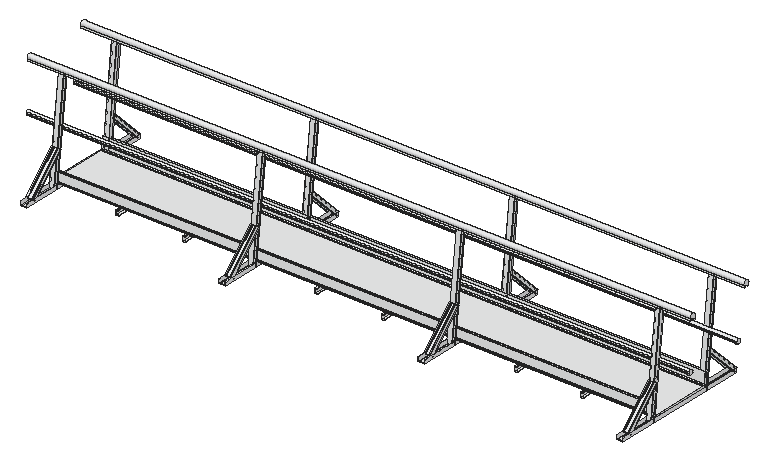
Revit family "Walkway_Kattsafe_Guardrail2Sides", category Specialty Equipment, Revit 2025
Family settings
  Round Connector Dimension = Use Diameter
  Part Type = Normal
  OmniClass Number = 23.13.41.19
  Enable Cutting in Views = No
  Cut with Voids When Loaded = No
  Maintain Annotation Orientation = No
  Shared = No
  Room Calculation Point = No
Parameters (values of type "Across Slope (GW6)")
  WalkwayWidth = 600 mm  # constant formula
  WalkwayMaterial = Aluminum_Kattsafe_Mesh_Walkway
  WalkwayAngleEnd2 [instance] = 0.00°
  WalkwayAngleEnd1 [instance] = 0.00°
  Uniclass2015Version = "Products v1.23"
  Uniclass2015Title = "Working platforms"
  Uniclass2015Code = "Pr_40_70_75_96"
  URL = "https://kattsafe.com.au/"
  Type IFC Predefined Type = "USERDEFINED"
  Type Comments = "Walkway - Guardrail Both Sides - Across Slope"
  Toeboard2 [instance] = yes
  Toeboard2End2OffsetLengthCalc2 [instance] = if(Toeboard2OffsetLengthEnd2 < 0 mm, abs(Toeboard2OffsetLengthEnd2), 0 mm)  # 0 mm
  Toeboard2End2OffsetLengthCalc [instance] = if(Toeboard2OffsetLengthEnd2 > 0 mm, Toeboard2OffsetLengthEnd2, 0 mm)  # 0 mm
  Toeboard2End1OffsetLengthCalc2 [instance] = if(Toeboard2OffsetLengthEnd1 < 0 mm, abs(Toeboard2OffsetLengthEnd1), 0 mm)  # 0 mm
  Toeboard2End1OffsetLengthCalc [instance] = if(Toeboard2OffsetLengthEnd1 > 0 mm, Toeboard2OffsetLengthEnd1, 0 mm)  # 0 mm
  Toeboard1 [instance] = yes
  ToeboardEnd2 [instance] = no
  ToeboardEnd1 [instance] = no
  ToeboardAngledOffsetHeight = 63 mm  # constant formula
  Toeboard2OffsetLengthEnd2 [instance] = 0 mm
  Toeboard2OffsetLengthEnd1 [instance] = 0 mm
  Toeboard1End2OffsetLengthCalc2 [instance] = if(Toeboard1OffsetLengthEnd2 < 0 mm, abs(Toeboard1OffsetLengthEnd2), 0 mm)  # 0 mm
  Toeboard1End2OffsetLengthCalc [instance] = if(Toeboard1OffsetLengthEnd2 > 0 mm, Toeboard1OffsetLengthEnd2, 0 mm)  # 0 mm
  Toeboard1OffsetLengthEnd2 [instance] = 0 mm
  Toeboard1End1OffsetLengthCalc2 [instance] = if(Toeboard1OffsetLengthEnd1 < 0 mm, abs(Toeboard1OffsetLengthEnd1), 0 mm)  # 0 mm
  Toeboard1End1OffsetLengthCalc [instance] = if(Toeboard1OffsetLengthEnd1 > 0 mm, Toeboard1OffsetLengthEnd1, 0 mm)  # 0 mm
  Toeboard1OffsetLengthEnd1 [instance] = 0 mm
  SafetyDisclaimer [instance] = "WARNING! The correct placement of access, fall protection and facade maintenance systems is critical to ensure it is fit-for-purpose and safe for the operator to use. Did you know Kattsafe® have a dedicated team of Height Safety System Design Specialists? Kattsafe® provide one-on-one consultation and system design assistance to ensure you are meeting the stringent requirements of height safety and to give you PEACE OF MIND with your project."  # constant formula
  RoofPitchCalc2 [instance] = if(1 = 1, RoofPitchCalc + 90.00°, 0.00°)  # 97.00°
  RoofPitchCalc [instance] = if(and(AcrossSlope, RoofPitch < -7.00°), -7.00°, if(and(AcrossSlope, RoofPitch > 7.00°), 7.00°, if(AcrossSlope, RoofPitch, 0.00°)))  # 7.00°
  RoofPitch [instance] = 7.00°
  Rail2ClosureBendEnd2 [instance] = no
  Rail2ClosureBendEnd1 [instance] = no
  Rail1ClosureBendEnd2 [instance] = no
  Rail1ClosureBendEnd1 [instance] = no
  PostsSingleOption [instance] = if(and(([built-in parameter 1001306] - 56 mm - PostOffsetLengthEnd1 - PostOffsetLengthEnd2 - (PostsOffsetLength * 2)) < 1 mm, ([built-in parameter 1001306] - 56 mm - PostOffsetLengthEnd1 - PostOffsetLengthEnd2) > 1999 mm), 1 > 0, 1 < 0)  # no
  PostsActualNumberOf [instance] = PostsOffsetLengthCalc3  # 4
  PostOffsetLengthEnd2 [instance] = 0 mm
  PostsOffsetLengthCalc3 [instance] = if(PostsOffsetLengthCalc > PostsOffsetLengthCalc2, rounddown(PostsOffsetLengthCalc2), PostsOffsetLengthCalc)  # 4
  PostsOffsetLengthCalc2 [instance] = (PostsOverallLength / PostsMaxSpacingLength) + 2  # 4.972
  PostsOffsetLengthCalc [instance] = (PostsOverallLength / PostsMaxSpacingLength) + 2  # 5
  PostsNumberOfCalc3 [instance] = if(and(PostsNumberOfCalc > PostsNumberOfCalc2, PostsOverallLength > PostsMaxSpacingLength * 2), rounddown(PostsNumberOfCalc2), if(PostsOverallLength < (PostsMaxSpacingLength * 2) + 1 mm, 2, PostsNumberOfCalc))  # 2
  PostsNumberOfCalc2 [instance] = (PostsOverallLength / PostsMaxSpacingLength)  # 2.972
  PostsNumberOfCalc [instance] = (PostsOverallLength / PostsMaxSpacingLength)  # 3
  PostsMaxSpacingLength = 2000 mm  # constant formula
  PostsHeight = if(1 = 1, ManufacturerOverallHeightCalc - 42 mm, 0 mm)  # 998 mm
  PostOffsetLengthEnd1 [instance] = 0 mm
  PostsArrayOption [instance] = if(([built-in parameter 1001306] - 56 mm - PostOffsetLengthEnd1 - PostOffsetLengthEnd2 - (PostsOffsetLength * 2)) < 1 mm, 1 < 0, 1 > 0)  # yes
  PostsOverallLength [instance] = ([built-in parameter 1001306] - 56 mm - PostOffsetLengthEnd1 - PostOffsetLengthEnd2)  # 5944 mm
  Material = Aluminum_Kattsafe_Satin
  ManufacturerOverallHeightCalc = if(ManufacturerOverallHeight < 955 mm, 955 mm, if(ManufacturerOverallHeight > 1055 mm, 1055 mm, ManufacturerOverallHeight))  # 1040 mm
  KneerailOffsetHeightCalc2 [instance] = if(KneerailOffsetHeight > 450 mm, 450 mm, KneerailOffsetHeight)  # 435 mm
  KneerailOffsetHeightCalc [instance] = if(or(Rail1ClosureBendEnd1, Rail1ClosureBendEnd2), 435 mm, KneerailOffsetHeightCalc2)  # 435 mm
  KneerailOffsetHeight [instance] = 435 mm
  PostsOffsetLength [instance] = PostsOverallLength / (PostsOffsetLengthCalc3 - 1)  # 1981.333 mm
  Kneerail2End2OverhangLengthCalc [instance] = if(Rail2ClosureBendEnd2, 200 mm, Handrail2End2OverhangLengthCalc + Kneerail2OffsetLengthEnd2)  # 300 mm
  Kneerail2End1OverhangLengthCalc [instance] = if(Rail2ClosureBendEnd1, 200 mm, Handrail2End1OverhangLengthCalc + Kneerail2OffsetLengthEnd1)  # 300 mm
  Kneerail1End2OverhangLengthCalc [instance] = if(Rail1ClosureBendEnd2, 200 mm, Handrail1End2OverhangLengthCalc + Kneerail1OffsetLengthEnd2)  # 300 mm
  Kneerail2OffsetLengthEnd2 [instance] = 0 mm
  Kneerail2OffsetLengthEnd1 [instance] = 0 mm
  Kneerail1OffsetLengthEnd2 [instance] = 0 mm
  Kneerail1End1OverhangLengthCalc [instance] = if(Rail1ClosureBendEnd1, 200 mm, Handrail1End1OverhangLengthCalc + Kneerail1OffsetLengthEnd1)  # 300 mm
  Kneerail1OffsetLengthEnd1 [instance] = 0 mm
  KneerailAngledOffsetHeight [instance] = KneerailOffsetHeightCalc + (-HandrailAngledOffsetHeight)  # 492 mm
  GuardrailHeight = ManufacturerOverallHeightCalc - 55 mm  # 985 mm
  Handrail2End2OverhangLengthCalc [instance] = if(Rail2ClosureBendEnd2, 0 mm, Handrail2OverhangLengthEnd2)  # 300 mm
  Handrail2End1OverhangLengthCalc [instance] = if(Rail2ClosureBendEnd1, 0 mm, Handrail2OverhangLengthEnd1)  # 300 mm
  Handrail1End2OverhangLengthCalc [instance] = if(Rail1ClosureBendEnd2, 0 mm, Handrail1OverhangLengthEnd2)  # 300 mm
  Handrail2OverhangLengthEnd2 [instance] = 300 mm
  Handrail2OverhangLengthEnd1 [instance] = 300 mm
  Handrail1OverhangLengthEnd2 [instance] = 300 mm
  Handrail1End1OverhangLengthCalc [instance] = if(Rail1ClosureBendEnd1, 0 mm, Handrail1OverhangLengthEnd1)  # 300 mm
  Handrail1OverhangLengthEnd1 [instance] = 300 mm
  ModifiedIssue = 20240430
  Model = "GW6"
  ManufacturerURLProductSpecific = "https://kattsafe.com.au/products/guardrails-walkway/guardrail-only-gw"
  ManufacturerSpecCode = Model  # "GW6"
  ManufacturerOverallWidth = WalkwayWidth + 800 mm  # 1400 mm
  ManufacturerOverallLength [instance] = [built-in parameter 1001306]  # 6000 mm
  ManufacturerOverallHeight = 1040 mm
  Manufacturer = "Kattsafe®"  # constant formula
  built-in parameter 1001306 [instance] = 6000 mm
  IfcExportType = "USERDEFINED"
  IfcExportAs = "IfcBuildingElementProxy"
  HandrailClosureAngledOffsetHeight = -532 mm  # constant formula
  HandrailAngledOffsetHeight = -57 mm  # constant formula
  Export Type to IFC As = "IfcBuildingElementProxy"
  ElementType = "Roof Walkway"
  Description = "Kattsafe guardrail systems are the preferred method of safe access across roofs and areas close to a fall edge. The system requires no specialist PPE, personnel or training to safely prevent a fall with a walkway to designate a safe path of access across the roof surface."  # constant formula
  Default Elevation = 0 mm
  CreatedBy = "IGS BIM Solutions"  # constant formula
  CreatedByURL = "https://igsgroup.com.au"
  CleatsSingleOptionCalc [instance] = if(and(CleatsOption, (CleatsNumberOfCalc2 < 2), [built-in parameter 1001306] > CleatsMaxSpacingLength - 1 mm), 1 > 0, 1 < 0)  # no
  CleatsNumberOfCalc3 [instance] = if(CleatsNumberOfCalc2 < 2, 2, CleatsNumberOfCalc2)  # 13
  CleatsArrayOptionCalc [instance] = if(and(CleatsOption, (CleatsNumberOfCalc2 > 1)), 1 > 0, 1 < 0)  # no
  CleatsActualNumberOf [instance] = if(CleatsOption, CleatsNumberOfCalc2, 0)  # 0
  CleatsOption [instance] = and(not(RoofPitch < 10.00°), not(AcrossSlope))  # no
  CleatsNumberOfCalc2 [instance] = if(CleatsNumberOf > CleatsNumberOfCalc, rounddown(CleatsNumberOfCalc), CleatsNumberOf)  # 13
  CleatsNumberOfCalc [instance] = ([built-in parameter 1001306] - (CleatsMaxSpacingLength)) / (CleatsMaxSpacingLength) + 1  # 13.3333
  CleatsNumberOf [instance] = ([built-in parameter 1001306] - (CleatsMaxSpacingLength)) / (CleatsMaxSpacingLength) + 1  # 13
  CleatsMaxSpacingLength [instance] = if(RoofPitch < 15.00°, 450 mm, if(RoofPitch < 18.00°, 400 mm, 350 mm))  # 450 mm
  BattensSingleOption [instance] = if(PostsActualNumberOf < 3, 1 > 0, 1 < 0)  # no
  BattensArrayNumberOf [instance] = if(PostsActualNumberOf < 3, 2, PostsActualNumberOf - 1)  # 3
  BattensArrayOption [instance] = if(PostsActualNumberOf < 3, 1 < 0, 1 > 0)  # yes
  BattensActualNumberOf [instance] = if((PostsOffsetLength) < 670 mm, 0, if((PostsOffsetLength) < 1000 mm, (BattensArrayNumberOf), ((BattensArrayNumberOf) * 2)))  # 6
  Assembly Code = "E1090100"
  AcrossSlope = yes
Reference planes
  plane 1 "Post_Back_Calc": y = -600
  plane 2 "Bottom": z = 0
  plane 3 "Left": x = 0
  plane 4 "Right": x = 6000
  plane 5 "Top": z = 1040
  plane 6 "Front": y = -1000
  plane 7 "Walkway_Front": y = -600
  plane 8 "Walkway_Bottom": z = 42
  plane 9 "Post_1_Centre (Front/Back)": y = -631.5
  plane 10 "Kneerail_Top": z = 548
  plane 11 "Handrail_Bottom": z = 983
  plane 12 "Post_Array_Left": x = 2009.333
  plane 13 "Post_Array_Right": x = 3990.667
  plane 14 "Center (Front/Back)": y = -300
  plane 15 "Center (Left/Right)": x = 3000
  plane 16 "Post_Left_Centre (Left/Right)": x = 28
  plane 17 "Kneerail_1_Left": x = -300
  plane 18 "Post_Left": x = 0
  plane 19 "Handrail_1_Left": x = -300
  plane 20 "Post_Right_Centre (Left/Right)": x = 5972
  plane 21 "Kneerail_1_Right": x = 6300
  plane 22 "Post_Right": x = 6000
  plane 23 "Handrail_1_Right": x = 6300
  plane 24 "Walkway_Top": z = 55
  plane 25 "Cleat_Left": x = 450
  plane 26 "Cleat_Right": x = 900
  plane 27 "Post_1_Front": y = -650.5
  plane 28 "Left_Calc": x = 0
  plane 29 "Right_Calc": x = 6000
  plane 30 "Toeboard_Bottom": z = 65
  plane 31 "Back": y = 400
  plane 32 "Post_2_Centre (Front/Back)": y = 31.5
  plane 33 "Post_2_Back": y = 50.5
  plane 34 "Post_1_Back": y = -612.5
  plane 35 "Post_2_Front": y = 12.5
  plane 36 "Kneerail_2_Left": x = -300
  plane 37 "Handrail_2_Left": x = -300
  plane 38 "Kneerail_2_Right": x = 6300
  plane 39 "Handrail_2_Right": x = 6300
  plane 40 "Walkway_Back": y = 0
  plane 41 "Toeboard1_Left": x = 0
  plane 42 "Toeboard1_Left_Calc": x = 0
  plane 43 "Toeboard1_Right": x = 6000
  plane 44 "Toeboard1_Right_Calc": x = 6000
Lines and regions (mm)
  reference lines
    curve 1: line (0, -600, 0) -> (6000, -600, 0)
    curve 2: line (0, -600, 0) -> (0.961, -600, 0)
    curve 3: line (6000, -600, 0) -> (5998.961, -600, 0)
    curve 4: line (0, -650.5, 0) -> (0, -523.756, 1032.248)
    curve 5: line (0, -848.528, 55) -> (0, 0, 55)
    curve 6: line (6000, -600, 55) -> (6000, 248.528, 55)
    curve 7: line (0, 50.5, 0) -> (0, 177.244, 1032.248)
    curve 8: line (0, 0, 0) -> (0, -600, 0)
    curve 9: line (0, 0, 0) -> (0, -600, 0)
    curve 10: line (6000, 0, 0) -> (6000, -600, 0)
    curve 11: line (6000, 0, 0) -> (6000, -600, 0)
Text (mm)
  text "Disclaimer:\nDue to ongoing product development and manufacturing \nevolution, product details are subject to change without \nnotice. Please refer to product technical data sheets on \nthe manufacturers website for the most current product \ninformation. Please allow a +/- 5mm manufacturing \ntolerance for dimensions and set-outs shown in product \nliterature." at (10360.567, 2349.183, 0), in view "Ref. Level"
Dimensions and locks
  "built-in parameter 1001306": plane 3 "Left" to plane 4 "Right"
  "ManufacturerOverallHeightCalc": plane 5 "Top" to plane 2 "Bottom"
  "KneerailOffsetHeightCalc": plane 11 "Handrail_Bottom" to plane 10 "Kneerail_Top"
  "PostsOffsetLength": plane 13 "Post_Array_Right" to plane 20 "Post_Right_Centre (Left/Right)"
  locked: plane 5 "Top" to plane 11 "Handrail_Bottom" at 57
  locked: plane 6 "Front" to plane 7 "Walkway_Front" at 400
  "PostsOffsetLength": plane 16 "Post_Left_Centre (Left/Right)" to plane 12 "Post_Array_Left"
  locked: plane 18 "Post_Left" to plane 16 "Post_Left_Centre (Left/Right)" at 28
  "PostOffsetLengthEnd1": plane 28 "Left_Calc" to plane 18 "Post_Left"
  "Handrail1End1OverhangLengthCalc": plane 19 "Handrail_1_Left" to plane 18 "Post_Left"
  "Kneerail1End1OverhangLengthCalc": plane 17 "Kneerail_1_Left" to plane 18 "Post_Left"
  locked: plane 22 "Post_Right" to plane 20 "Post_Right_Centre (Left/Right)" at 28
  equal spacing: plane 3 "Left", plane 15 "Center (Left/Right)", plane 4 "Right"
  "PostOffsetLengthEnd2": plane 22 "Post_Right" to plane 29 "Right_Calc"
  "Kneerail1End2OverhangLengthCalc": plane 22 "Post_Right" to plane 21 "Kneerail_1_Right"
  "Handrail1End2OverhangLengthCalc": plane 22 "Post_Right" to plane 23 "Handrail_1_Right"
  locked: plane 8 "Walkway_Bottom" to plane 2 "Bottom" at 42
  locked: plane 24 "Walkway_Top" to plane 8 "Walkway_Bottom" at 13
  "CleatsMaxSpacingLength": plane 3 "Left" to plane 25 "Cleat_Left"
  "CleatsMaxSpacingLength": plane 25 "Cleat_Left" to plane 26 "Cleat_Right"
  equal spacing: group 1, group 2, group 5, group 6, group 7, group 8, group 9, group 10, group 11, group 12, group 13, group 14, group 15  (x3)
  equal spacing: group 3, group 4, group 16  (x3)
  "ManufacturerOverallHeightCalc": curve 4 to curve 4
  locked: curve 4 to nested 12 at 19
  locked: curve 4 to nested 13 at 38
  locked: curve 4 to nested 14 at 19
  locked: plane 3 "Left" to plane 28 "Left_Calc"
  locked: plane 29 "Right_Calc" to plane 4 "Right"
  curve 4 to nested 28 = 41 mm
  locked: plane 30 "Toeboard_Bottom" to plane 24 "Walkway_Top" at 10
  locked: plane 7 "Walkway_Front" to plane 34 "Post_1_Back" at 12.5
  equal spacing: plane 34 "Post_1_Back", plane 9 "Post_1_Centre (Front/Back)", plane 27 "Post_1_Front"
  locked: plane 27 "Post_1_Front" to plane 34 "Post_1_Back" at 38
  equal spacing: plane 35 "Post_2_Front", plane 32 "Post_2_Centre (Front/Back)", plane 33 "Post_2_Back"
  locked: plane 35 "Post_2_Front" to plane 33 "Post_2_Back" at 38
  "ManufacturerOverallHeightCalc": curve 7 to curve 7
  locked: nested 29 to curve 7 at 38
  locked: nested 30 to curve 7 at 19
  locked: nested 31 to curve 7 at 19
  locked: nested 32 to curve 7 at 19
  "Handrail2End1OverhangLengthCalc": plane 37 "Handrail_2_Left" to plane 18 "Post_Left"
  "Kneerail2End1OverhangLengthCalc": plane 36 "Kneerail_2_Left" to plane 18 "Post_Left"
  "Handrail2End2OverhangLengthCalc": plane 22 "Post_Right" to plane 39 "Handrail_2_Right"
  "Kneerail2End2OverhangLengthCalc": plane 22 "Post_Right" to plane 38 "Kneerail_2_Right"
  group 17 to group 18 = 1981.333 mm
  group 17 to group 18 = 0 mm  (x2)
  locked: curve 7 to nested 34 at 41
  locked: plane 40 "Walkway_Back" to plane 35 "Post_2_Front" at 12.5
  "ManufacturerOverallWidth": plane 6 "Front" to plane 31 "Back"
  "WalkwayWidth": plane 40 "Walkway_Back" to plane 7 "Walkway_Front"
  equal spacing: plane 40 "Walkway_Back", plane 14 "Center (Front/Back)", plane 7 "Walkway_Front"
  locked: plane 7 "Walkway_Front" to plane 1 "Post_Back_Calc" at 0
  "Toeboard2End1OffsetLengthCalc": curve 9 to curve 5
  "Toeboard2End1OffsetLengthCalc2": curve 9 to curve 8
  "Toeboard2End2OffsetLengthCalc": curve 6 to curve 11
  "Toeboard2End2OffsetLengthCalc2": curve 10 to curve 11
  "Toeboard1End1OffsetLengthCalc": plane 42 "Toeboard1_Left_Calc" to plane 28 "Left_Calc"
  "Toeboard1End1OffsetLengthCalc2": plane 42 "Toeboard1_Left_Calc" to plane 41 "Toeboard1_Left"
  "Toeboard1End2OffsetLengthCalc": plane 29 "Right_Calc" to plane 44 "Toeboard1_Right_Calc"
  "Toeboard1End2OffsetLengthCalc2": plane 43 "Toeboard1_Right" to plane 44 "Toeboard1_Right_Calc"
  "RoofPitchCalc2": angle plane 2 "Bottom" to curve 4
  "WalkwayAngleEnd1": angle curve 5 to plane 3 "Left"
  "WalkwayAngleEnd2": angle plane 29 "Right_Calc" to curve 6
  "RoofPitchCalc2": angle plane 2 "Bottom" to curve 7
  aligned and locked: plane 4 "Right" to curve 1
  aligned and locked: plane 1 "Post_Back_Calc" to curve 1
  aligned and locked: plane 3 "Left" to curve 1
  aligned and locked: level to plane 2 "Bottom"
  aligned and locked: plane 4 "Right" to curve 3
  aligned and locked: plane 3 "Left" to nested 1
  aligned and locked: plane 2 "Bottom" to nested 2
  aligned and locked: plane 2 "Bottom" to nested 3
  aligned and locked: plane 12 "Post_Array_Left" to nested 4
  aligned and locked: plane 2 "Bottom" to nested 4
  aligned and locked: nested 1 to plane 4 "Right"
  aligned and locked: plane 12 "Post_Array_Left" to nested 5
  aligned and locked: plane 18 "Post_Left" to nested 2
  aligned and locked: plane 22 "Post_Right" to nested 3
  aligned and locked: plane 25 "Cleat_Left" to nested 6
  aligned and locked: plane 24 "Walkway_Top" to nested 6
  aligned and locked: plane 26 "Cleat_Right" to nested 7
  aligned and locked: plane 24 "Walkway_Top" to nested 7
  aligned and locked: nested 7 to plane 24 "Walkway_Top"
  aligned and locked: plane 16 "Post_Left_Centre (Left/Right)" to nested 8
  aligned and locked: plane 14 "Center (Front/Back)" to nested 8
  aligned and locked: plane 2 "Bottom" to nested 8
  aligned and locked: plane 12 "Post_Array_Left" to nested 9
  aligned and locked: plane 14 "Center (Front/Back)" to nested 9
  aligned and locked: plane 2 "Bottom" to nested 9
  aligned and locked: plane 16 "Post_Left_Centre (Left/Right)" to nested 10
  aligned and locked: plane 14 "Center (Front/Back)" to nested 10
  aligned and locked: plane 2 "Bottom" to nested 10
  aligned and locked: plane 25 "Cleat_Left" to nested 11
  aligned and locked: plane 24 "Walkway_Top" to nested 11
  aligned and locked: plane 2 "Bottom" to curve 4
  aligned and locked: plane 27 "Post_1_Front" to curve 4
  aligned and locked: nested 14 to plane 19 "Handrail_1_Left"
  aligned and locked: plane 19 "Handrail_1_Left" to nested 12
  aligned and locked: plane 17 "Kneerail_1_Left" to nested 13
  aligned and locked: plane 21 "Kneerail_1_Right" to nested 13
  aligned and locked: plane 23 "Handrail_1_Right" to nested 12
  aligned and locked: plane 23 "Handrail_1_Right" to nested 15
  aligned and locked: plane 3 "Left" to curve 5
  aligned and locked: plane 29 "Right_Calc" to curve 6
  aligned and locked: plane 7 "Walkway_Front" to curve 6
  aligned and locked: plane 14 "Center (Front/Back)" to nested 2
  aligned and locked: plane 14 "Center (Front/Back)" to nested 5
  aligned and locked: plane 14 "Center (Front/Back)" to nested 3
  aligned and locked: plane 14 "Center (Front/Back)" to nested 4
  aligned and locked: plane 2 "Bottom" to curve 7
  aligned and locked: plane 33 "Post_2_Back" to curve 7
  aligned and locked: nested 31 to plane 39 "Handrail_2_Right"
  aligned and locked: plane 39 "Handrail_2_Right" to nested 30
  aligned and locked: plane 37 "Handrail_2_Left" to nested 32
  aligned and locked: plane 37 "Handrail_2_Left" to nested 30
  aligned and locked: plane 36 "Kneerail_2_Left" to nested 29
  aligned and locked: plane 38 "Kneerail_2_Right" to nested 29
  aligned and locked: plane 13 "Post_Array_Right" to nested 33
  aligned and locked: plane 14 "Center (Front/Back)" to nested 33
  aligned and locked: plane 2 "Bottom" to nested 33
  aligned and locked: nested 1 to plane 14 "Center (Front/Back)"
  aligned and locked: plane 7 "Walkway_Front" to nested 11
  aligned and locked: plane 7 "Walkway_Front" to nested 6
  aligned and locked: plane 7 "Walkway_Front" to nested 7
  aligned and locked: plane 40 "Walkway_Back" to curve 5
  aligned and locked: plane 7 "Walkway_Front" to curve 8
  aligned and locked: plane 40 "Walkway_Back" to curve 8
  aligned and locked: curve 8 to nested 34
  aligned and locked: plane 40 "Walkway_Back" to curve 10
  aligned and locked: plane 40 "Walkway_Back" to curve 11
  aligned and locked: plane 7 "Walkway_Front" to curve 10
  aligned and locked: plane 7 "Walkway_Front" to curve 11
  aligned and locked: nested 34 to curve 10
  aligned and locked: plane 41 "Toeboard1_Left" to nested 28
  aligned and locked: plane 43 "Toeboard1_Right" to nested 28
Automatic sketch dimensions
  plane 3 "Left" to curve 2 = 0.961 mm
  curve 3 to plane 4 "Right" = 1.039 mm
  curve 2 to plane 3 "Left" = 0 mm
  plane 1 "Post_Back_Calc" to curve 3 = 0 mm
  plane 1 "Post_Back_Calc" to curve 2 = 0 mm
  plane 1 "Post_Back_Calc" to curve 9 = 0 mm
  plane 40 "Walkway_Back" to curve 9 = 0 mm
Nested families
  nested 1: "z_Walkway_Kattsafe_Aluminium" at (25.785, -300, 42), Material <- "Material", ManufacturerOverallWidth <- "WalkwayWidth", End1_Angle <- "WalkwayAngleEnd1", End2_Angle <- "WalkwayAngleEnd2", WalkwayMaterial <- "WalkwayMaterial", type "GW335.6000"
    with WalkwayMaterial Aluminum_Kattsafe_Mesh_Walkway, Material Aluminum_Kattsafe_Satin, ManufacturerOverallWidth 600 mm, ManufacturerOverallLength 6000 mm, End2_Angle_Calc 90.00°, End2_Angle 0.00°, End1_Angle_Calc 90.00°, End1_Angle 0.00°
  nested 2: "z_Walkway_RoofMount_Kattsafe_2Guardrail" at (58.285, -612.5, 0), ManufacturerOverallHeight <- "PostsHeight", RoofPitch <- "RoofPitchCalc", type "GW356"
    with RoofPitch_Calc 97.00°, RoofPitch 7.00°, ManufacturerOverallHeight 998 mm
  nested 3: "z_Walkway_RoofMount_Kattsafe_2Guardrail" at (5993.285, -612.5, 0), ManufacturerOverallHeight <- "PostsHeight", RoofPitch <- "RoofPitchCalc", type "GW356"
    with RoofPitch_Calc 97.00°, RoofPitch 7.00°, ManufacturerOverallHeight 998 mm
  nested 4: "z_Walkway_RoofMount_Kattsafe_2Guardrail" at (2035.118, -612.5, 0), ManufacturerOverallHeight <- "PostsHeight", visible <- "PostsArrayOption", RoofPitch <- "RoofPitchCalc", type "GW356"
    with RoofPitch_Calc 97.00°, RoofPitch 7.00°, ManufacturerOverallHeight 998 mm
  nested 5: "z_Walkway_RoofMount_Kattsafe_2Guardrail" at (2035.118, -612.5, 0), ManufacturerOverallHeight <- "PostsHeight", visible <- "PostsSingleOption", RoofPitch <- "RoofPitchCalc", type "GW356"
    with RoofPitch_Calc 97.00°, RoofPitch 7.00°, ManufacturerOverallHeight 998 mm
  nested 6: "z_WalkwayCleat_Kattsafe" at (463.562, -25.785, 55) x (0, -1, 0) z (0, 0, 1), ManufacturerOverallLength <- "WalkwayWidth", visible <- "CleatsArrayOptionCalc", Material <- "Material", type "GW340"
    with Material Aluminum_Kattsafe_Satin, ManufacturerOverallLength 600 mm
  nested 7: "z_WalkwayCleat_Kattsafe" at (913.562, -25.785, 55) x (0, -1, 0) z (0, 0, 1), ManufacturerOverallLength <- "WalkwayWidth", visible <- "CleatsArrayOptionCalc", Material <- "Material", type "GW340"
    with Material Aluminum_Kattsafe_Satin, ManufacturerOverallLength 600 mm
  nested 8: "z_Walkway_Batten_Kattsafe_Array" at (53.785, 50, 0), ManufacturerOverallLength <- "PostsOffsetLength", visible <- "BattensArrayOption", Material <- "Material", type "GW359D.700"
    with Material Aluminum_Kattsafe_Satin, ManufacturerOverallLength 1981.333 mm, Batten_Offset_Length_Calc3 3, Batten_Offset_Length_Calc2 3.9572, Batten_Offset_Length_Calc 4, Batten_Offset_Length 660.444 mm, Batten_Max_Spacing_Length 670 mm, Batten_2_Option yes, Batten_1_Option yes
  nested 9: "z_Walkway_Batten_Kattsafe_Array" at (2035.118, 50, 0), ManufacturerOverallLength <- "PostsOffsetLength", visible <- "BattensArrayOption", Material <- "Material", type "GW359D.700"
    with Material Aluminum_Kattsafe_Satin, ManufacturerOverallLength 1981.333 mm, Batten_Offset_Length_Calc3 3, Batten_Offset_Length_Calc2 3.9572, Batten_Offset_Length_Calc 4, Batten_Offset_Length 660.444 mm, Batten_Max_Spacing_Length 670 mm, Batten_2_Option yes, Batten_1_Option yes
  nested 10: "z_Walkway_Batten_Kattsafe_Array" at (53.785, 50, 0), ManufacturerOverallLength <- "PostsOffsetLength", visible <- "BattensSingleOption", Material <- "Material", type "GW359D.700"
    with Material Aluminum_Kattsafe_Satin, ManufacturerOverallLength 1981.333 mm, Batten_Offset_Length_Calc3 3, Batten_Offset_Length_Calc2 3.9572, Batten_Offset_Length_Calc 4, Batten_Offset_Length 660.444 mm, Batten_Max_Spacing_Length 670 mm, Batten_2_Option yes, Batten_1_Option yes
  nested 11: "z_WalkwayCleat_Kattsafe" at (463.562, -25.785, 55) x (0, -1, 0) z (0, 0, 1), ManufacturerOverallLength <- "WalkwayWidth", visible <- "CleatsSingleOptionCalc", Material <- "Material", type "GW340"
    with Material Aluminum_Kattsafe_Satin, ManufacturerOverallLength 600 mm
  nested 12: "z_Guardrail_Kattsafe_HandrailTube" at (-274.215, -511.844, 973.357) x (1, 0, 0) z (0, 0.1219, 0.9925), built-in parameter 1001364 <- "HandrailAngledOffsetHeight", Material <- "Material", type "GW374"
    with Material Aluminum_Kattsafe_Satin, ManufacturerOverallLength 6600 mm
  nested 13: "z_Guardrail_Kattsafe_KneerailTube" at (-274.215, -528.977, 537.194) x (1, 0, 0) z (0, -0.1219, -0.9925), built-in parameter 1001364 <- "KneerailAngledOffsetHeight", Material <- "Material", type "GW375"
    with Material Aluminum_Kattsafe_Satin, ManufacturerOverallLength 6600 mm
  nested 14: "z_Guardrail_Kattsafe_HandrailClosureBend" at (-674.215, -569.732, 501.898) x (1, 0, 0) z (0, 0.1219, 0.9925), built-in parameter 1001364 <- "HandrailClosureAngledOffsetHeight", visible <- "Rail1ClosureBendEnd1", Material <- "Material", type "GW387"
    with Material Aluminum_Kattsafe_Satin, ManufacturerOverallLength 400 mm
  nested 15: "z_Guardrail_Kattsafe_HandrailClosureBend" at (6674.215, -569.732, 501.898) x (-1, 0, 0) z (0, 0.1219, 0.9925), built-in parameter 1001364 <- "HandrailClosureAngledOffsetHeight", visible <- "Rail1ClosureBendEnd2", Material <- "Material", type "GW387"
    with Material Aluminum_Kattsafe_Satin, ManufacturerOverallLength 400 mm
  nested 16: "z_WalkwayCleat_Kattsafe" at (1363.562, -25.785, 55) x (0, -1, 0) z (0, 0, 1), ManufacturerOverallLength <- "WalkwayWidth", visible <- "CleatsArrayOptionCalc", Material <- "Material", type "GW340"
    with Material Aluminum_Kattsafe_Satin, ManufacturerOverallLength 600 mm
  nested 17: "z_WalkwayCleat_Kattsafe" at (1813.562, -25.785, 55) x (0, -1, 0) z (0, 0, 1), ManufacturerOverallLength <- "WalkwayWidth", visible <- "CleatsArrayOptionCalc", Material <- "Material", type "GW340"
    with Material Aluminum_Kattsafe_Satin, ManufacturerOverallLength 600 mm
  nested 18: "z_WalkwayCleat_Kattsafe" at (2263.562, -25.785, 55) x (0, -1, 0) z (0, 0, 1), ManufacturerOverallLength <- "WalkwayWidth", visible <- "CleatsArrayOptionCalc", Material <- "Material", type "GW340"
    with Material Aluminum_Kattsafe_Satin, ManufacturerOverallLength 600 mm
  nested 19: "z_WalkwayCleat_Kattsafe" at (2713.562, -25.785, 55) x (0, -1, 0) z (0, 0, 1), ManufacturerOverallLength <- "WalkwayWidth", visible <- "CleatsArrayOptionCalc", Material <- "Material", type "GW340"
    with Material Aluminum_Kattsafe_Satin, ManufacturerOverallLength 600 mm
  nested 20: "z_WalkwayCleat_Kattsafe" at (3163.562, -25.785, 55) x (0, -1, 0) z (0, 0, 1), ManufacturerOverallLength <- "WalkwayWidth", visible <- "CleatsArrayOptionCalc", Material <- "Material", type "GW340"
    with Material Aluminum_Kattsafe_Satin, ManufacturerOverallLength 600 mm
  nested 21: "z_WalkwayCleat_Kattsafe" at (3613.562, -25.785, 55) x (0, -1, 0) z (0, 0, 1), ManufacturerOverallLength <- "WalkwayWidth", visible <- "CleatsArrayOptionCalc", Material <- "Material", type "GW340"
    with Material Aluminum_Kattsafe_Satin, ManufacturerOverallLength 600 mm
  nested 22: "z_WalkwayCleat_Kattsafe" at (4063.562, -25.785, 55) x (0, -1, 0) z (0, 0, 1), ManufacturerOverallLength <- "WalkwayWidth", visible <- "CleatsArrayOptionCalc", Material <- "Material", type "GW340"
    with Material Aluminum_Kattsafe_Satin, ManufacturerOverallLength 600 mm
  nested 23: "z_WalkwayCleat_Kattsafe" at (4513.562, -25.785, 55) x (0, -1, 0) z (0, 0, 1), ManufacturerOverallLength <- "WalkwayWidth", visible <- "CleatsArrayOptionCalc", Material <- "Material", type "GW340"
    with Material Aluminum_Kattsafe_Satin, ManufacturerOverallLength 600 mm
  nested 24: "z_WalkwayCleat_Kattsafe" at (4963.562, -25.785, 55) x (0, -1, 0) z (0, 0, 1), ManufacturerOverallLength <- "WalkwayWidth", visible <- "CleatsArrayOptionCalc", Material <- "Material", type "GW340"
    with Material Aluminum_Kattsafe_Satin, ManufacturerOverallLength 600 mm
  nested 25: "z_WalkwayCleat_Kattsafe" at (5413.562, -25.785, 55) x (0, -1, 0) z (0, 0, 1), ManufacturerOverallLength <- "WalkwayWidth", visible <- "CleatsArrayOptionCalc", Material <- "Material", type "GW340"
    with Material Aluminum_Kattsafe_Satin, ManufacturerOverallLength 600 mm
  nested 26: "z_WalkwayCleat_Kattsafe" at (5863.562, -25.785, 55) x (0, -1, 0) z (0, 0, 1), ManufacturerOverallLength <- "WalkwayWidth", visible <- "CleatsArrayOptionCalc", Material <- "Material", type "GW340"
    with Material Aluminum_Kattsafe_Satin, ManufacturerOverallLength 600 mm
  nested 27: "z_Walkway_Batten_Kattsafe_Array" at (4016.451, 50, 0), ManufacturerOverallLength <- "PostsOffsetLength", visible <- "BattensArrayOption", Material <- "Material", type "GW359D.700"
    with Material Aluminum_Kattsafe_Satin, ManufacturerOverallLength 1981.333 mm, Batten_Offset_Length_Calc3 3, Batten_Offset_Length_Calc2 3.9572, Batten_Offset_Length_Calc 4, Batten_Offset_Length 660.444 mm, Batten_Max_Spacing_Length 670 mm, Batten_2_Option yes, Batten_1_Option yes
  nested 28: "z_Guardrail_Kattsafe_ToeBoard" at (25.785, -614.535, 59.057) x (1, 0, 0) z (0, 0.1219, 0.9925), built-in parameter 1001364 <- "ToeboardAngledOffsetHeight", visible <- "Toeboard1", Material <- "Material", type "GW320"
    with Material Aluminum_Kattsafe_Satin, ManufacturerOverallLength 6000 mm
  nested 29: "z_Guardrail_Kattsafe_KneerailTube" at (6274.215, 62.545, 550.636) x (-1, 0, 0) z (0, -0.1219, -0.9925), built-in parameter 1001364 <- "KneerailAngledOffsetHeight", Material <- "Material", type "GW375"
    with Material Aluminum_Kattsafe_Satin, ManufacturerOverallLength 6600 mm
  nested 30: "z_Guardrail_Kattsafe_HandrailTube" at (-274.215, 151.439, 977.988) x (1, 0, 0) z (0, 0.1219, 0.9925), built-in parameter 1001364 <- "HandrailAngledOffsetHeight", Material <- "Material", type "GW374"
    with Material Aluminum_Kattsafe_Satin, ManufacturerOverallLength 6600 mm
  nested 31: "z_Guardrail_Kattsafe_HandrailClosureBend" at (6674.215, 93.551, 506.529) x (-1, 0, 0) z (0, 0.1219, 0.9925), built-in parameter 1001364 <- "HandrailClosureAngledOffsetHeight", visible <- "Rail2ClosureBendEnd2", Material <- "Material", type "GW387"
    with Material Aluminum_Kattsafe_Satin, ManufacturerOverallLength 400 mm
  nested 32: "z_Guardrail_Kattsafe_HandrailClosureBend" at (-674.215, 93.551, 506.529) x (1, 0, 0) z (0, 0.1219, 0.9925), built-in parameter 1001364 <- "HandrailClosureAngledOffsetHeight", visible <- "Rail2ClosureBendEnd1", Material <- "Material", type "GW387"
    with Material Aluminum_Kattsafe_Satin, ManufacturerOverallLength 400 mm
  nested 33: "z_Walkway_RoofMount_Kattsafe_2Guardrail" at (4016.451, -612.5, 0), ManufacturerOverallHeight <- "PostsHeight", visible <- "PostsArrayOption", RoofPitch <- "RoofPitchCalc", type "GW356"
    with RoofPitch_Calc 97.00°, RoofPitch 7.00°, ManufacturerOverallHeight 998 mm
  nested 34: "z_Guardrail_Kattsafe_ToeBoard" at (5974.215, 29.89, 66.004) x (-1, 0, 0) z (0, 0.1219, 0.9925), built-in parameter 1001364 <- "ToeboardAngledOffsetHeight", visible <- "Toeboard2", Material <- "Material", type "GW320"
    with Material Aluminum_Kattsafe_Satin, ManufacturerOverallLength 6000 mm
Definition of nested family "z_Walkway_Kattsafe_Aluminium"
  Parameters (values of type "GW335.6000")
    WalkwayMaterial [instance] = none
    URL = "https://kattsafe.com.au/"
    Type Comments = ""
    ModifiedIssue = 20190911
    Model = "GW335.6000"
    Material [instance] = none
    ManufacturerURLProductSpecific = ""
    ManufacturerSpecCode = Model  # "GW335.6000"
    ManufacturerOverallWidth [instance] = 600 mm
    ManufacturerOverallLength [instance] = 6000 mm
    ManufacturerOverallHeight = 13 mm  # constant formula
    Manufacturer = "SAYFA"  # constant formula
    Keynote = ""
    End2_Angle_Calc [instance] = if(1 = 1, End2_Angle + 90.00°, 0.00°)  # 90.00°
    End2_Angle [instance] = 0.00°
    End1_Angle_Calc [instance] = if(1 = 1, End1_Angle + 90.00°, 0.00°)  # 90.00°
    End1_Angle [instance] = 0.00°
    Description = "Pace 600 Aluminium Walkway Mesh"
    Default Elevation = 0 mm  # constant formula
    CreatedBy = "IGS BIM Solutions"  # constant formula
    CreatedByURL = "https://igsgroup.com.au"
  Reference planes
    plane 1 "Bottom": z = 0
    plane 2 "Center (Front/Back)": y = 0
    plane 3 "Front": y = -300
    plane 4 "Left": x = -25.785
    plane 5 "Center (Left/Right)": x = 2974.215
    plane 6 "Top": z = 13
    plane 7 "Right": x = 5974.215
    plane 8 "Back": y = 300
    plane 9 "InsetBack": y = 299
    plane 10 "InsetFront": y = -299
  Forms (mm)
    Extrusion 1, solid, material <- "Material"
      sketch origin (0, 0, 0) x (1, 0, 0) y (0, 1, 0)
        loop
          line (-25.785, 300) -> (-25.785, -300) -> (5974.215, -300) -> (5974.215, 300) -> (-25.785, 300)
        loop
          line (-24.785, 299) -> (-24.785, -299) -> (5973.215, -299) -> (5973.215, 299) -> (-24.785, 299)
      from 0 to 13
    Extrusion 2, solid, material <- "WalkwayMaterial"
      sketch origin (0, 0, 0) x (1, 0, 0) y (0, 1, 0)
        loop
          line (-24.785, 299) -> (-24.785, -299) -> (5973.215, -299) -> (5973.215, 299) -> (-24.785, 299)
      from 0 to 13
  Lines and regions (mm)
    reference lines
      curve 1: line (-25.785, -300, 0) -> (-25.785, 300, 0)
      curve 2: line (5974.215, -300, 0) -> (5974.215, 300, 0)
      curve 3: line (-24.785, 300, 0) -> (-24.785, -300, 0)
      curve 4: line (5973.215, -300, 0) -> (5973.215, 300, 0)
  Dimensions and locks
    "ManufacturerOverallWidth": plane 8 "Back" to plane 3 "Front"
    "ManufacturerOverallHeight": plane 6 "Top" to plane 1 "Bottom"
    equal spacing: plane 4 "Left", plane 5 "Center (Left/Right)", plane 7 "Right"
    "ManufacturerOverallLength": plane 4 "Left" to plane 7 "Right"
    equal spacing: plane 8 "Back", plane 2 "Center (Front/Back)", plane 3 "Front"
    locked: plane 9 "InsetBack" to plane 8 "Back" at 1
    locked: plane 10 "InsetFront" to plane 3 "Front" at 1
    locked: curve 3 to curve 1 at 1
    locked: curve 2 to curve 4 at 1
    "End1_Angle_Calc": angle curve 1 to plane 3 "Front"
    "End2_Angle_Calc": angle plane 3 "Front" to curve 2
    "End1_Angle_Calc": angle curve 3 to plane 3 "Front"
    "End2_Angle_Calc": angle plane 3 "Front" to curve 4
    aligned and locked: plane 1 "Bottom" to level
    aligned and locked: Extrusion 1 to plane 3 "Front"
    aligned and locked: Extrusion 1 to plane 8 "Back"
    aligned and locked: Extrusion 1 to plane 1 "Bottom"
    aligned and locked: Extrusion 1 to plane 6 "Top"
    aligned and locked: plane 4 "Left" to curve 1
    aligned and locked: plane 3 "Front" to curve 1
    aligned and locked: plane 8 "Back" to curve 1
    aligned and locked: plane 7 "Right" to curve 2
    aligned and locked: plane 3 "Front" to curve 2
    aligned and locked: plane 8 "Back" to curve 2
    aligned and locked: plane 9 "InsetBack" to Extrusion 1 sketch curve
    aligned and locked: plane 10 "InsetFront" to Extrusion 1 sketch curve
    aligned and locked: plane 9 "InsetBack" to Extrusion 2 sketch curve
    aligned and locked: plane 10 "InsetFront" to Extrusion 2 sketch curve
    aligned and locked: Extrusion 2 to plane 6 "Top"
    aligned and locked: Extrusion 2 to plane 1 "Bottom"
    aligned and locked: plane 3 "Front" to curve 3
    aligned and locked: plane 8 "Back" to curve 3
    aligned and locked: plane 3 "Front" to curve 4
    aligned and locked: plane 8 "Back" to curve 4
    aligned and locked: Extrusion 2 sketch curve to curve 4
    aligned and locked: Extrusion 2 sketch curve to curve 3
    aligned and locked: Extrusion 1 sketch curve to curve 3
    aligned and locked: Extrusion 1 sketch curve to curve 1
    aligned and locked: Extrusion 1 sketch curve to curve 4
    aligned and locked: Extrusion 1 sketch curve to curve 2
  Automatic sketch dimensions
    plane 8 "Back" to Extrusion 1 sketch curve = 0 mm
    Extrusion 1 sketch curve to plane 3 "Front" = 0 mm
Definition of nested family "z_Walkway_RoofMount_Kattsafe_2Guardrail"
  Parameters (values of type "GW356")
    URL = "https://kattsafe.com.au/"
    Type Comments = ""
    RoofPitch_Calc [instance] = if(1 = 1, RoofPitch + 90.00°, 0.00°)  # 90.00°
    RoofPitch [instance] = 0.00°
    ModifiedIssue = 20191003
    Model = "GW356"
    Material = none
    ManufacturerURLProductSpecific = ""
    ManufacturerSpecCode = Model  # "GW356"
    ManufacturerOverallWidth = 65 mm  # constant formula
    ManufacturerOverallHeight [instance] = 1058 mm
    ManufacturerOverallDepth = 1400 mm  # constant formula
    Manufacturer = "SAYFA"  # constant formula
    Keynote = ""
    Description = "Sentry Roof Mount Double Guardrail Post with Walkway Support"
    Default Elevation = 0 mm  # constant formula
    CreatedBy = "IGS BIM Solutions"  # constant formula
    CreatedByURL = "https://igsgroup.com.au"
  Reference planes
    plane 1 "Bottom": z = 0
    plane 2 "Post_1_Back": y = 0
    plane 3 "Post_1_Front": y = -38
    plane 4 "Center (Left/Right)": x = -25.785
    plane 5 "Top": z = 1058
    plane 6 "Post_Right": x = 2.215
    plane 7 "Post_Left": x = -53.785
    plane 8 "Front": y = -387.5
    plane 9 "Base Channel_Top": z = 38
    plane 10 "Post_1_Centre (Front/Back)": y = -19
    plane 11 "Brace_Top": z = 356.198
    plane 12 "Left": x = -58.285
    plane 13 "Right": x = 6.715
    plane 14 "Back": y = 1012.5
    plane 15 "Post_2_Back": y = 663
    plane 16 "Post_2_Centre (Front/Back)": y = 644
    plane 17 "Post_2_Front": y = 625
    plane 18 "Center (Front/Back)": y = 312.5
  Forms (mm)
    Sweep 1, solid, material <- "Material"
      path origin (-25.785, 0, 0) x (0, 1, 0) y (0, 0, 1)
        loop
          line (1012.5, 38) -> (-387.5, 38)
      profile origin (-25.785, 312.5, 38) x (0, 0, -1) y (1, 0, 0)
        loop
          line (38, 32.5) -> (1.5, 32.5)
          arc (1.5, 32.5) -> (0, 31) -> (1.5, 29.5) r 1.5
          line (1.5, 29.5) -> (35, 29.5) -> (35, 19.5) -> (32.5, 19.5)
          arc (32.5, 19.5) -> (32, 19) -> (32.5, 18.5) r 0.5
          line (32.5, 18.5) -> (35, 18.5) -> (35, -18.5) -> (32.5, -18.5)
          arc (32.5, -18.5) -> (32, -19) -> (32.5, -19.5) r 0.5
          line (32.5, -19.5) -> (35, -19.5) -> (35, -29.5) -> (1.5, -29.5)
          arc (1.5, -29.5) -> (0, -31) -> (1.5, -32.5) r 1.5
          line (1.5, -32.5) -> (38, -32.5) -> (38, 32.5)
    SweptBlend 2, solid, material <- "Material"
      path origin (-25.785, 0, 0) x (0, 1, 0) y (0, 0, 1)
        loop
          line (-38.011, 356.198) -> (-356.209, 38)
      profile origin (-25.785, -38.011, 356.198) x (0, 0.707107, -0.707107) y (1, 0, 0)
        loop
          line (0, 32.5) -> (0, -32.5) -> (36.5, -32.5)
          arc (36.5, -32.5) -> (38, -31) -> (36.5, -29.5) r 1.5
          line (36.5, -29.5) -> (3, -29.5) -> (3, -19.5) -> (5.5, -19.5)
          arc (5.5, -19.5) -> (6, -19) -> (5.5, -18.5) r 0.5
          line (5.5, -18.5) -> (3, -18.5) -> (3, 18.5) -> (5.5, 18.5)
          arc (5.5, 18.5) -> (6, 19) -> (5.5, 19.5) r 0.5
          line (5.5, 19.5) -> (3, 19.5) -> (3, 29.5) -> (36.5, 29.5)
          arc (36.5, 29.5) -> (38, 31) -> (36.5, 32.5) r 1.5
          line (36.5, 32.5) -> (0, 32.5)
      end profile origin (-25.785, -356.209, 38) x (0, 0.707107, -0.707107) y (1, 0, 0)
        loop
          line (0, 29.5) -> (0, -35.5) -> (36.5, -35.5)
          arc (36.5, -35.5) -> (38, -34) -> (36.5, -32.5) r 1.5
          line (36.5, -32.5) -> (3, -32.5) -> (3, -22.5) -> (5.5, -22.5)
          arc (5.5, -22.5) -> (6, -22) -> (5.5, -21.5) r 0.5
          line (5.5, -21.5) -> (3, -21.5) -> (3, 15.5) -> (5.5, 15.5)
          arc (5.5, 15.5) -> (6, 16) -> (5.5, 16.5) r 0.5
          line (5.5, 16.5) -> (3, 16.5) -> (3, 26.5) -> (36.5, 26.5)
          arc (36.5, 26.5) -> (38, 28) -> (36.5, 29.5) r 1.5
          line (36.5, 29.5) -> (0, 29.5)
    Sweep 3, solid, material <- "Material"
      path origin (-25.785, 0, 0) x (0, 1, 0) y (0, 0, 1)
        loop
          line (-38, 0) -> (-38, 1058)
      profile origin (-25.785, -38, 529) x (0, -1, 0) y (1, 0, 0)
        loop
          arc (-38, -23) -> (-36.536, -26.536) -> (-33, -28) r 5
          line (-33, -28) -> (-5, -28)
          arc (-5, -28) -> (-1.464, -26.536) -> (0, -23) r 5
          line (0, -23) -> (0, 23)
          arc (0, 23) -> (-1.464, 26.536) -> (-5, 28) r 5
          line (-5, 28) -> (-33, 28)
          arc (-33, 28) -> (-36.536, 26.536) -> (-38, 23) r 5
          line (-38, 23) -> (-38, -23)
    Sweep 4, solid, material <- "Material"
      path origin (-25.785, 0, 0) x (0, 1, 0) y (0, 0, 1)
        loop
          line (663, 0) -> (663, 1058)
      profile origin (-25.785, 663, 529) x (0, -1, 0) y (1, 0, 0)
        loop
          arc (0, -23) -> (1.464, -26.536) -> (5, -28) r 5
          line (5, -28) -> (33, -28)
          arc (33, -28) -> (36.536, -26.536) -> (38, -23) r 5
          line (38, -23) -> (38, 23)
          arc (38, 23) -> (36.536, 26.536) -> (33, 28) r 5
          line (33, 28) -> (5, 28)
          arc (5, 28) -> (1.464, 26.536) -> (0, 23) r 5
          line (0, 23) -> (0, -23)
    SweptBlend 5, solid, material <- "Material"
      path origin (-25.785, 0, 0) x (0, 1, 0) y (0, 0, 1)
        loop
          line (663, 356.198) -> (981.198, 38)
      profile origin (-25.785, 663, 356.198) x (0, 0.707107, 0.707107) y (1, 0, 0)
        loop
          line (0, -32.5) -> (0, 32.5) -> (-36.5, 32.5)
          arc (-36.5, 32.5) -> (-38, 31) -> (-36.5, 29.5) r 1.5
          line (-36.5, 29.5) -> (-3, 29.5) -> (-3, 19.5) -> (-5.5, 19.5)
          arc (-5.5, 19.5) -> (-6, 19) -> (-5.5, 18.5) r 0.5
          line (-5.5, 18.5) -> (-3, 18.5) -> (-3, -18.5) -> (-5.5, -18.5)
          arc (-5.5, -18.5) -> (-6, -19) -> (-5.5, -19.5) r 0.5
          line (-5.5, -19.5) -> (-3, -19.5) -> (-3, -29.5) -> (-36.5, -29.5)
          arc (-36.5, -29.5) -> (-38, -31) -> (-36.5, -32.5) r 1.5
          line (-36.5, -32.5) -> (0, -32.5)
      end profile origin (-25.785, 981.198, 38) x (0, 0.707107, 0.707107) y (1, 0, 0)
        loop
          line (0, -35.5) -> (0, 29.5) -> (-36.5, 29.5)
          arc (-36.5, 29.5) -> (-38, 28) -> (-36.5, 26.5) r 1.5
          line (-36.5, 26.5) -> (-3, 26.5) -> (-3, 16.5) -> (-5.5, 16.5)
          arc (-5.5, 16.5) -> (-6, 16) -> (-5.5, 15.5) r 0.5
          line (-5.5, 15.5) -> (-3, 15.5) -> (-3, -21.5) -> (-5.5, -21.5)
          arc (-5.5, -21.5) -> (-6, -22) -> (-5.5, -22.5) r 0.5
          line (-5.5, -22.5) -> (-3, -22.5) -> (-3, -32.5) -> (-36.5, -32.5)
          arc (-36.5, -32.5) -> (-38, -34) -> (-36.5, -35.5) r 1.5
          line (-36.5, -35.5) -> (0, -35.5)
  Lines and regions (mm)
    reference lines
      curve 1: line (-25.785, -38, 356.209) -> (-25.785, -356.209, 38)
      curve 2: line (-25.785, -38, 0) -> (-25.785, -38, 1058)
      curve 3: line (-25.785, 663, 0) -> (-25.785, 663, 1058)
      curve 4: line (-25.785, 663, 356.198) -> (-25.785, 981.198, 38)
  Dimensions and locks
    "ManufacturerOverallHeight": plane 5 "Top" to plane 1 "Bottom"
    locked: plane 7 "Post_Left" to plane 6 "Post_Right" at 56
    equal spacing: plane 7 "Post_Left", plane 4 "Center (Left/Right)", plane 6 "Post_Right"
    locked: plane 9 "Base Channel_Top" to plane 1 "Bottom" at 38
    Sweep 1 sketch curve to profile plane to Sweep 1 sketch curve = 32.5 mm locked, 32.5 mm locked
    Sweep 1 sketch curve to profile plane to Sweep 1 sketch curve = 29.5 mm locked, 29.5 mm locked
    locked: profile plane to Sweep 1 sketch curve
    locked: profile plane to Sweep 1 sketch curve at 0
    locked: profile plane to Sweep 1 sketch curve at 35  (x3)
    profile plane to Sweep 1 sketch curve = 38 mm
    equal spacing: plane 3 "Post_1_Front", plane 10 "Post_1_Centre (Front/Back)", plane 2 "Post_1_Back"
    profile plane to Sweep 1 sketch curve = 32 mm  (x2)
    Sweep 1 sketch curve to profile plane to Sweep 1 sketch curve = 18.5 mm locked, 18.5 mm locked
    Sweep 1 sketch curve to profile plane to Sweep 1 sketch curve = 19.5 mm locked, 19.5 mm locked
    equal spacing: plane 12 "Left", plane 4 "Center (Left/Right)", plane 13 "Right"
    "ManufacturerOverallWidth": plane 12 "Left" to plane 13 "Right"
    locked: plane 3 "Post_1_Front" to plane 8 "Front" at 349.5
    locked: plane 2 "Post_1_Back" to plane 3 "Post_1_Front" at 38
    locked: Sweep 3 sketch curve to profile plane at 38
    equal spacing: Sweep 3 sketch curve, profile plane, Sweep 3 sketch curve, locked at 28 each
    locked: Sweep 3 sketch curve to Sweep 3 sketch curve at 56
    locked: curve 2 to Sweep 3 sketch curve at 0
    "ManufacturerOverallHeight": curve 2 to curve 2
    plane 14 "Back" to plane 8 "Front" = 1400 mm
    locked: plane 15 "Post_2_Back" to plane 17 "Post_2_Front" at 38
    "ManufacturerOverallHeight": curve 3 to curve 3
    equal spacing: plane 15 "Post_2_Back", plane 16 "Post_2_Centre (Front/Back)", plane 17 "Post_2_Front"
    locked: plane 15 "Post_2_Back" to plane 14 "Back" at 349.5
    "ManufacturerOverallDepth": plane 14 "Back" to plane 8 "Front"
    locked: curve 3 to Sweep 4 sketch curve at 0
    equal spacing: Sweep 4 sketch curve, profile plane, Sweep 4 sketch curve
    locked: Sweep 4 sketch curve to Sweep 4 sketch curve at 56
    locked: profile plane to Sweep 4 sketch curve at 38
    locked: SweptBlend 5 sketch curve to profile plane at 38  (x2)
    locked: SweptBlend 5 sketch curve to profile plane at 3  (x3)
    locked: SweptBlend 5 sketch curve to profile plane at 6  (x2)
    locked: profile plane to Sweep 1 at 32.5
    locked: profile plane to SweptBlend 5 sketch curve at 29.5
    locked: profile plane to SweptBlend 5 sketch curve at 19.5
    locked: profile plane to SweptBlend 5 sketch curve at 18.5
    locked: SweptBlend 5 sketch curve to profile plane at 18.5
    locked: SweptBlend 5 sketch curve to profile plane at 19.5
    locked: SweptBlend 5 sketch curve to profile plane at 29.5
    locked: profile plane to SweptBlend 5 sketch curve at 32.5
    equal spacing: plane 14 "Back", plane 18 "Center (Front/Back)", plane 8 "Front"
    radius of Sweep 3 sketch curve = 5 mm  (x4)
    radius of Sweep 4 sketch curve = 5 mm  (x4)
    locked: curve 1 to plane 11 "Brace_Top" (angle 45.00°)
    "RoofPitch_Calc": angle plane 1 "Bottom" to curve 2
    "RoofPitch_Calc": angle plane 1 "Bottom" to curve 3
    locked: plane 11 "Brace_Top" to curve 4 (angle 45.00°)
    aligned and locked: level to plane 1 "Bottom"
    aligned and locked: curve 1 to SweptBlend 2 sketch curve
    aligned and locked: plane 11 "Brace_Top" to SweptBlend 2 sketch curve
    aligned and locked: plane 14 "Back" to Sweep 1 sketch curve
    aligned and locked: plane 3 "Post_1_Front" to curve 2
    aligned and locked: plane 1 "Bottom" to curve 2
    aligned and locked: curve 2 to Sweep 3 sketch curve
    aligned and locked: profile plane to Sweep 3 sketch curve
    aligned and locked: plane 1 "Bottom" to Sweep 3 sketch curve
    aligned and locked: plane 9 "Base Channel_Top" to curve 1
    aligned and locked: curve 3 to plane 1 "Bottom"
    aligned and locked: curve 3 to Sweep 4 sketch curve
    aligned and locked: plane 1 "Bottom" to Sweep 4 sketch curve
    aligned and locked: plane 15 "Post_2_Back" to curve 3
    aligned and locked: Sweep 4 sketch curve to profile plane
    aligned and locked: plane 9 "Base Channel_Top" to curve 4
    aligned and locked: plane 11 "Brace_Top" to SweptBlend 5 sketch curve
    aligned and locked: SweptBlend 5 sketch curve to curve 4
  Automatic sketch dimensions
    Sweep 1 sketch curve to plane 8 "Front" = 0 mm
    plane 9 "Base Channel_Top" to Sweep 1 sketch curve = 0 mm
    plane 9 "Base Channel_Top" to SweptBlend 2 sketch curve = 0 mm
    SweptBlend 2 sketch curve to profile plane = 0 mm  (x2)
    SweptBlend 2 sketch curve to profile plane = 3 mm  (x4)
    SweptBlend 2 sketch curve to SweptBlend 2 sketch curve = 0 mm  (x2)
    SweptBlend 2 sketch curve to SweptBlend 2 sketch curve = 2.5 mm  (x4)
    SweptBlend 2 sketch curve to SweptBlend 2 sketch curve = 31 mm  (x4)
    SweptBlend 2 sketch curve to plane 4 "Center (Left/Right)" = 32.5 mm
    SweptBlend 2 sketch curve to SweptBlend 2 sketch curve = 1.5 mm  (x4)
    SweptBlend 2 sketch curve to SweptBlend 2 sketch curve = 10 mm  (x4)
    SweptBlend 2 sketch curve to SweptBlend 2 sketch curve = 0.5 mm  (x4)
    plane 4 "Center (Left/Right)" to SweptBlend 2 sketch curve = 18.5 mm
    SweptBlend 2 sketch curve to plane 4 "Center (Left/Right)" = 35.5 mm
    plane 4 "Center (Left/Right)" to SweptBlend 2 sketch curve = 15.5 mm
    SweptBlend 5 sketch curve to SweptBlend 5 sketch curve = 3 mm  (x3)
    SweptBlend 5 sketch curve to SweptBlend 5 sketch curve = 1.5 mm  (x2)
    profile plane to SweptBlend 5 sketch curve = 36.5 mm  (x2)
    profile plane to SweptBlend 5 sketch curve = 5.5 mm  (x2)
    profile plane to SweptBlend 5 sketch curve = 3 mm  (x3)
    SweptBlend 5 sketch curve to plane 4 "Center (Left/Right)" = 35.5 mm
    SweptBlend 5 sketch curve to SweptBlend 5 sketch curve = 10 mm  (x2)
    SweptBlend 5 sketch curve to SweptBlend 5 sketch curve = 0.5 mm
    SweptBlend 5 sketch curve to SweptBlend 5 sketch curve = 1 mm
    plane 4 "Center (Left/Right)" to SweptBlend 5 sketch curve = 15.5 mm
    plane 9 "Base Channel_Top" to SweptBlend 5 sketch curve = 0 mm
Definition of nested family "z_WalkwayCleat_Kattsafe"
  Parameters (values of type "GW340")
    URL = "https://kattsafe.com.au/"
    Type Comments = ""
    ModifiedIssue = 20190911
    Model = "GW340"
    Material [instance] = none
    ManufacturerURLProductSpecific = ""
    ManufacturerSpecCode = Model  # "GW340"
    ManufacturerOverallWidth = 30 mm  # constant formula
    ManufacturerOverallLength [instance] = 600 mm
    ManufacturerOverallHeight = 13 mm  # constant formula
    Manufacturer = "SAYFA"  # constant formula
    Keynote = ""
    Description = "Pace 600 Aluminium Walkway Cleat"
    Default Elevation = 0 mm  # constant formula
    CreatedBy = "IGS BIM Solutions"  # constant formula
    CreatedByURL = "https://igsgroup.com.au"
  Reference planes
    plane 1 "Bottom": z = 0
    plane 2 "Center (Front/Back)": y = 1.438
    plane 3 "Front": y = -13.562
    plane 4 "Left": x = -25.785
    plane 5 "Center (Left/Right)": x = 274.215
    plane 6 "Top": z = 13
    plane 7 "Right": x = 574.215
    plane 8 "Back": y = 16.438
    plane 9 "Center (Elevation)": z = 6.5
  Forms (mm)
    Extrusion 1, solid, material <- "Material"
      sketch origin (274.215, 0, 0) x (0, 1, 0) y (0, 0, -1)
        loop
          arc (4.564, -5.24) -> (4.093, -9.355) -> (6.299, -12.861) r 6.25
          arc (6.299, -12.861) -> (7.311, -12.804) -> (7.369, -11.792) r 0.761
          arc (7.369, -11.792) -> (10.188, -3.218) -> (13.006, -11.792) r 4.75
          arc (13.006, -11.792) -> (13.064, -12.804) -> (14.076, -12.861) r 0.761
          arc (14.076, -12.861) -> (16.243, -9.517) -> (15.948, -5.543) r 6.25
          arc (15.948, -5.543) -> (12.946, -1.734) -> (8.416, 0) r 9.127
          line (8.416, 0) -> (-13.562, 0) -> (-13.562, -0.8)
          arc (-13.562, -0.8) -> (-13.123, -1.861) -> (-12.062, -2.3) r 1.5
          line (-12.062, -2.3) -> (2.723, -2.3)
          arc (2.723, -2.3) -> (4.458, -3.26) -> (4.564, -5.24) r 2.047
      from -300 to 300
  Dimensions and locks
    "ManufacturerOverallWidth": plane 8 "Back" to plane 3 "Front"
    "ManufacturerOverallHeight": plane 6 "Top" to plane 1 "Bottom"
    equal spacing: plane 4 "Left", plane 5 "Center (Left/Right)", plane 7 "Right"
    "ManufacturerOverallLength": plane 4 "Left" to plane 7 "Right"
    equal spacing: plane 6 "Top", plane 9 "Center (Elevation)", plane 1 "Bottom"
    equal spacing: plane 8 "Back", plane 2 "Center (Front/Back)", plane 3 "Front"
    aligned and locked: plane 1 "Bottom" to level
    aligned and locked: Extrusion 1 to plane 7 "Right"
    aligned and locked: Extrusion 1 to plane 4 "Left"
    aligned and locked: Extrusion 1 sketch curve to plane 3 "Front"
  Automatic sketch dimensions
    Extrusion 1 sketch curve to Extrusion 1 sketch curve = 0 mm  (x7)
    Extrusion 1 sketch curve to level = 0 mm
    Extrusion 1 sketch curve to plane 3 "Front" = 1.5 mm
    plane 2 "Center (Front/Back)" to Extrusion 1 sketch curve = 1.285 mm
    Extrusion 1 sketch curve to plane 6 "Top" = 0.735 mm  (x2)
    Extrusion 1 sketch curve to Extrusion 1 sketch curve = 0.763 mm
    Extrusion 1 sketch curve to Extrusion 1 sketch curve = 5.693 mm
    Extrusion 1 sketch curve to level = 0.8 mm
    Extrusion 1 sketch curve to Extrusion 1 sketch curve = 2.047 mm
    plane 9 "Center (Elevation)" to Extrusion 1 sketch curve = 1.468 mm
    Extrusion 1 sketch curve to Extrusion 1 sketch curve = 1.116 mm
    Extrusion 1 sketch curve to plane 9 "Center (Elevation)" = 1.26 mm
    Extrusion 1 sketch curve to plane 6 "Top" = 0.139 mm  (x2)
    Extrusion 1 sketch curve to Extrusion 1 sketch curve = 0.596 mm  (x2)
Definition of nested family "z_Walkway_Batten_Kattsafe_Array"
  Parameters (values of type "GW359D.700")
    URL = "https://kattsafe.com.au/"
    Type Comments = ""
    ModifiedIssue = 20190919
    Model = "GW359D.700"
    Material [instance] = none
    ManufacturerURLProductSpecific = ""
    ManufacturerSpecCode = Model  # "GW359D.700"
    ManufacturerOverallWidth = 700 mm  # constant formula
    ManufacturerOverallLength [instance] = 2000 mm
    ManufacturerOverallHeight = 40 mm  # constant formula
    Manufacturer = "Kattsafe®"  # constant formula
    Keynote = ""
    Description = "Pace 600 Walkway Support Batten"
    Default Elevation = 0 mm  # constant formula
    CreatedBy = "IGS BIM Solutions"  # constant formula
    CreatedByURL = "https://igsgroup.com.au"
    Batten_Offset_Length_Calc3 [instance] = if(Batten_Offset_Length_Calc > Batten_Offset_Length_Calc2, rounddown(Batten_Offset_Length_Calc2), Batten_Offset_Length_Calc)  # 3
    Batten_Offset_Length_Calc2 [instance] = ManufacturerOverallLength / (Batten_Max_Spacing_Length) + 1  # 3.9851
    Batten_Offset_Length_Calc [instance] = ManufacturerOverallLength / (Batten_Max_Spacing_Length) + 1  # 4
    Batten_Offset_Length [instance] = ManufacturerOverallLength / (Batten_Offset_Length_Calc3)  # 666.667 mm
    Batten_Max_Spacing_Length [instance] = 670 mm  # constant formula
    Batten_2_Option [instance] = if(Batten_Offset_Length_Calc3 < 3, 1 < 0, 1 > 0)  # yes
    Batten_1_Option [instance] = if(Batten_Offset_Length_Calc2 < 2, 1 < 0, 1 > 0)  # yes
  Reference planes
    plane 1 "Bottom": z = 0
    plane 2 "Back": y = 0
    plane 3 "Front": y = -700
    plane 4 "Left": x = -25.785
    plane 5 "Center (Left/Right)": x = 974.215
    plane 6 "Top": z = 40
    plane 7 "Right": x = 1974.215
    plane 8 "Center (Front/Back)": y = -350
    plane 9 "Batten_1_Centre (Left/Right)": x = 640.882
    plane 10 "Batten_2_Centre (Left/Right)": x = 1307.549
  Dimensions and locks
    "ManufacturerOverallHeight": plane 6 "Top" to plane 1 "Bottom"
    equal spacing: plane 4 "Left", plane 5 "Center (Left/Right)", plane 7 "Right"
    "ManufacturerOverallLength": plane 4 "Left" to plane 7 "Right"
    "ManufacturerOverallWidth": plane 2 "Back" to plane 3 "Front"
    equal spacing: plane 3 "Front", plane 8 "Center (Front/Back)", plane 2 "Back"
    "Batten_Offset_Length": plane 4 "Left" to plane 9 "Batten_1_Centre (Left/Right)"
    "Batten_Offset_Length": plane 10 "Batten_2_Centre (Left/Right)" to plane 7 "Right"
    aligned and locked: plane 1 "Bottom" to level
    aligned and locked: nested 1 to plane 9 "Batten_1_Centre (Left/Right)"
    aligned and locked: plane 2 "Back" to nested 1
    aligned and locked: plane 1 "Bottom" to nested 1
    aligned and locked: nested 2 to plane 10 "Batten_2_Centre (Left/Right)"
    aligned and locked: plane 2 "Back" to nested 2
    aligned and locked: plane 1 "Bottom" to nested 2
  Nested families
    nested 1: "z_WalkwayBatten_Kattsafe" at (640.882, -674.215, 0) x (0, 1, 0) z (0, 0, 1), visible <- "Batten_1_Option", Material <- "Material", type "700w (GW359D.700)"
    nested 2: "z_WalkwayBatten_Kattsafe" at (1307.549, -674.215, 0) x (0, 1, 0) z (0, 0, 1), visible <- "Batten_2_Option", Material <- "Material", type "700w (GW359D.700)"
  Definition of nested family "z_WalkwayBatten_Kattsafe"
    Parameters (values of type "700w (GW359D.700)")
      URL = "https://sayfa.com.au"
      Type IFC Predefined Type = "NOTDEFINED"
      Type Comments = ""
      ModifiedIssue = 20190911
      Model = "GW359D.700"
      Material [instance] = none
      ManufacturerURLProductSpecific = "https://sayfa.com.au/product/gw323-700-walkway-support-c-batten"
      ManufacturerSpecCode = Model  # "GW359D.700"
      ManufacturerOverallWidth = 30 mm  # constant formula
      ManufacturerOverallLength = 700 mm  # constant formula
